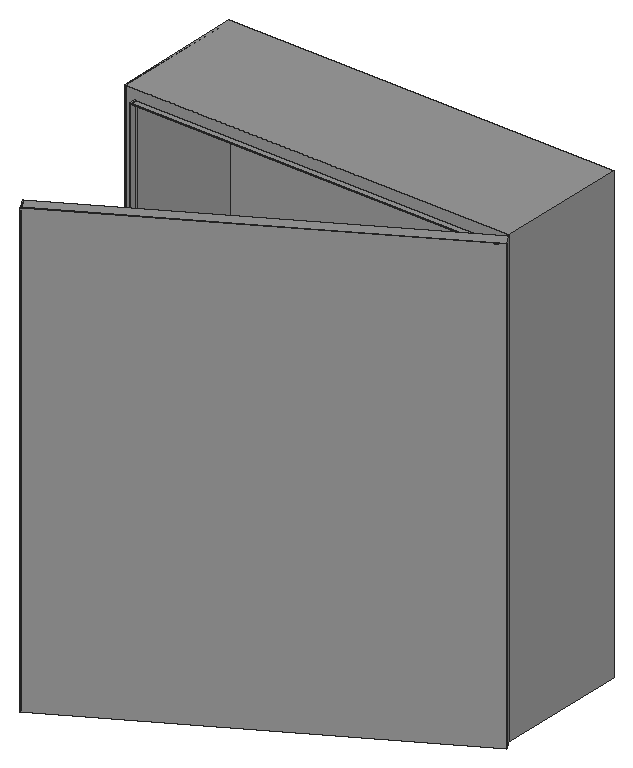
Revit family "Hager-Univers-IP54-D205-H650-Cl.II-Encl-NoHosted-NL-en", category Equipement électrique, Revit 2020
Family settings
  Configuration du panneau = Deux colonnes, circuits au sein
  Cote de connecteur circulaire = Utiliser le diamètre
  Type d'élément = Tableau de raccordement
  Basée sur le plan de construction = Oui
  Toujours verticalement = Oui
  Couper avec des vides une fois chargée = Non
  Partagée = Non
  Point de calcul de pièce = Non
Parameters (values of type "Surface mounted (plaster) IP54 W550 H650 D205  - FP42QSW")
  Width Control [instance] = if([EF000008 - Width] > Min Width, [EF000008 - Width], Min Width)  # 550 mm
  Commentaires du type = [HG000003 - Range]  # "Univers"
  Thickness Door [instance] = if([EF009171 - Material plate thickness door/cover] > 3 mm, 3 mm, [EF009171 - Material plate thickness door/cover])  # 1 mm
  Seal Frame Offset [instance] = 17 mm  # constant formula
  Plinth Visibility [instance] = [HG000027 - Plinth height] > 0 mm  # no
  Min Width [instance] = 100 mm  # constant formula
  Min Depth [instance] = (2 * [EF009170 - Material plate thickness cabinet]) + 1 mm  # 3 mm
  Min Height [instance] = 100 mm  # constant formula
  Internal Frame Depth [instance] = (Door System Depth * 0.5)  # 9 mm
  Panel Name [instance] = ""  # (empty or 0)
  Model = ""
  HG000027 - Plinth height = 0 mm
  HG000026 - Floor standing = no
  HG000024 - Bottom section height = 600 mm
  HG000023 - Double section enclosure = no
  HG000016 - Door 3d visibility [instance] = yes
  HG000015 - Clearance visibility [instance] = no
  HG000014 - Door on the right [instance] = yes
  HG000013 - Door on the left [instance] = not([HG000014 - Door on the right])  # no
  HG000012 - Door swing angle [instance] = 30.00°
  HG000010 - Asymmetric doors = no
  HG000009 - Double swing door = no
  HG000006 - Flush mounted = no
  HG000004 - Manufacturer reference = "FP42QSW"
  HG000003 - Range = "Univers"
  HG000002 - With door or cover = yes
  Frame Offset Bottom [instance] = 10 mm  # constant formula
  Frame Offset [instance] = 15 mm  # constant formula
  EF015940 - Cover with overpressure release = no
  EF011959 - Degree of protection (NEMA) = ""
  EF009554 - Number of openings for flange plates = 4
  EF009212 - Cover model = "EV000116 - Closed"
  EF009171 - Material plate thickness door/cover = 1 mm
  EF009170 - Material plate thickness cabinet = 1 mm
  EF008873 - Nominal current (In) = 250 A
  EF007800 - Suitable for lightning protection = no
  EF006306 - With lock = no
  EF006244 - Transparent cover/door = no
  EF005474 - Degree of protection (IP) = "EV006419 - IP54"
  EF004464 - Type of door = "EV002646 - Single"
  EF004427 - Number of modules = 96
  EF004293 - Impact strength = "EV006815 - IK09"
  EF003532 - Suitable for outdoor use = no
  EF002950 - Width in number of modular spacings = 24
  EF001613 - Circuit integrity = "EV000494 - None"
  EF001596 - Material housing = "EV000179 - Steel"
  EF001131 - Internal depth = 143 mm
  EF001088 - Extension possible = yes
  EF000437 - Number of conduit inlets = 4
  EF000339 - Type of cover = "EV001012 - Cover"
  EF000266 - Number of rows = 4
  EF000218 - Built-in depth = 0 mm
  EF000118 - With mounting plate = no
  EF000116 - RAL-number = "9010"
  EF000049 - Depth = 205 mm
  EF000040 - Height = 650 mm
  EF000008 - Width = 550 mm
  EF000007 - Colour = "EV000202 - White"
  EF000003 - Mounting method = "EV000384 - Surface mounted (plaster)"
  Door System Leaf Tolerance [instance] = 1.5 mm  # constant formula
  Door System Depth [instance] = 18 mm  # constant formula
  Door Height [instance] = Height Control - [HG000027 - Plinth height]  # 650 mm
  Description = ""
  Default Elevation = 1219.2 mm
  Connector Offset [instance] = Height Control / 2  # 325 mm
  Fabricant = "Hager"  # constant formula
  Height Control [instance] = if([EF000040 - Height] > Min Height, [EF000040 - Height], Min Height)  # 650 mm
  Depth Control [instance] = if([EF000049 - Depth] > Min Depth, [EF000049 - Depth], Min Depth)  # 205 mm
  Bottom Top Plate Trim [instance] = 1.5 mm  # constant formula
  Plinth height Ctrl [instance] = if([HG000027 - Plinth height] > 0 mm, [HG000027 - Plinth height], 12 mm)  # 12 mm
Reference planes
  plane 1 "Center (Front/Back)": y = 0
  plane 2: z = 0
  plane 3 "Center (Left/Right)": x = 0
  plane 4: y = 0
  plane 5: y = 0
  plane 6: z = 0
  plane 7: x = -275
  plane 8: x = 275
  plane 9: x = 274
  plane 10: x = -274
  plane 11: z = 0
  plane 12: z = 1
  plane 13: y = -205
  plane 14: y = -1
  plane 15: x = 0
  plane 16: y = -187
  plane 17: y = -204
  plane 18: y = -186
  plane 19: x = -259
  plane 20: x = 259
  plane 21: z = 11
  plane 22: x = -258
  plane 23: x = 258
  plane 24: z = 0
  plane 25: z = 650
  plane 26: z = 650
  plane 27: z = 634
  plane 28: z = 649
Forms (mm)
  Extrusion 1, solid, material "Hager_Steel_RAL7035_Light_Grey", detail levels medium+fine
    sketch origin (-208.679, -4572, 0) x (-1, 0, 0) y (0, -1, 0)
      loop
        line (66.321, -4385) -> (-483.679, -4385) -> (-483.679, -4572) -> (66.321, -4572) -> (66.321, -4385)
    from 0 to 650
  Extrusion 2, void
    sketch origin (-350.771, -205, 1219.2) x (1, 0, 0) y (0, 0, 1)
      loop
        line (76.771, -570.2) -> (76.771, -1218.2) -> (624.771, -1218.2) -> (624.771, -570.2) -> (76.771, -570.2)
    from -19 to -204
  Extrusion 3, void
    sketch origin (-290.084, -187, 1219.2) x (1, 0, 0) y (0, 0, 1)
      loop
        line (31.084, -1208.2) -> (549.084, -1208.2) -> (549.084, -585.2) -> (31.084, -585.2) -> (31.084, -1208.2)
    from 0 to -1
  Extrusion 4, solid, material "Hager_Steel_RAL7035_Light_Grey", visible <- "Plinth Visibility", detail levels medium+fine
    sketch origin (0, 0, 0) x (1, 0, 0) y (0, 1, 0)
      loop
        line (-275, 0) -> (-275, -187) -> (275, -187) -> (275, 0) -> (-275, 0)
    from 0 to 12 <- "Plinth height Ctrl"
  Extrusion 5, solid, material "Hager_Steel_RAL7035_Light_Grey", detail levels coarse
    sketch origin (0, 0, 0) x (1, 0, 0) y (0, 1, 0)
      loop
        line (-275, 0) -> (-275, -205) -> (275, -205) -> (275, 0) -> (-275, 0)
    from 0 to 650 <- "Height Control"
  Sweep 6, void
    path in 3D
      loop
        line (-275, -187, 12) -> (275, -187, 12) -> (275, 0, 12) -> (-275, 0, 12) -> (-275, -187, 12)
    profile origin (-275, -93.5, 12) x (1, 0, 0) y (0, 0, 1)
      loop
        line (0, 0) -> (0, -1.5) -> (1.5, -1.5)
        arc (1.5, -1.5) -> (1.061, -0.439) -> (0, 0) r 1.5
  Extrusion 7, solid, material "Hager_Steel_RAL7035_Light_Grey", detail levels fine
    sketch origin (-275, -187, 0) x (1, 0, 0) y (0, 0, 1)
      loop
        line (16, 11) -> (534, 11) -> (534, 634) -> (16, 634) -> (16, 11)
      loop
        line (15, 10) -> (535, 10) -> (535, 635) -> (15, 635) -> (15, 10)
    from 0 to 9 <- "Internal Frame Depth"
Cuts and joins
  Extrusion 2, Extrusion 3 cuts Extrusion 1
  Sweep 6 cuts Extrusion 4
Lines and regions (mm)
  Masking region 1
    outline origin (0, 0, 0) x (1, 0, 0) y (0, 1, 0)
      loop
        line (-275, 0) -> (-275, -205) -> (275, -205) -> (275, 0) -> (-275, 0)
  Masking region 2, detail levels coarse
    outline origin (-290.084, -187, 1219.2) x (-1, 0, 0) y (0, 0, 1)
      loop
        line (-565.084, -1219.2) -> (-15.084, -1219.2) -> (-15.084, -569.2) -> (-565.084, -569.2) -> (-565.084, -1219.2)
  Masking region 3, detail levels coarse
    outline origin (0, 0, 0) x (0, 1, 0) y (0, 0, 1)
      loop
        line (0, 0) -> (0, 650) -> (-205, 650) -> (-205, 0) -> (0, 0)
  Masking region 4, visible <- "Plinth Visibility", detail levels medium+fine
    outline origin (0, 0, 0) x (0, 1, 0) y (0, 0, 1)
      loop
        line (-1.5, 12) -> (-185.5, 12)
        arc (-185.5, 12) -> (-185.939, 10.939) -> (-187, 10.5) r 1.5
        line (-187, 10.5) -> (-187, 0) -> (0, 0) -> (0, 10.5)
        arc (0, 10.5) -> (-1.061, 10.939) -> (-1.5, 12) r 1.5
  Masking region 5, detail levels medium+fine
    outline origin (0, 0, 594.038) x (0, 1, 0) y (0, 0, 1)
      loop
        line (0, -594.038) -> (0, 55.962) -> (-187, 55.962) -> (-187, -594.038) -> (0, -594.038)
  Masking region 6, detail levels medium+fine
    outline origin (-359.7, -187, 1211.883) x (-1, 0, 0) y (0, 0, 1)
      loop
        line (-634.7, -1211.883) -> (-84.7, -1211.883) -> (-84.7, -561.883) -> (-634.7, -561.883) -> (-634.7, -1211.883)
  Masking region 7, visible <- "Plinth Visibility", detail levels medium+fine
    outline origin (-320.334, -187, 1041.368) x (-1, 0, 0) y (0, 0, 1)
      loop
        line (-595.334, -1041.368) -> (-45.334, -1041.368) -> (-45.334, -1030.868)
        arc (-45.334, -1030.868) -> (-46.394, -1030.429) -> (-46.834, -1029.368) r 1.5
        line (-46.834, -1029.368) -> (-593.834, -1029.368)
        arc (-593.834, -1029.368) -> (-594.273, -1030.429) -> (-595.334, -1030.868) r 1.5
        line (-595.334, -1030.868) -> (-595.334, -1041.368)
  sketch lines
    curve 1: line (-275, 0, 12) -> (-275, -187, 12)
    curve 2: line (-275, -187, 12) -> (275, -187, 12)
    curve 3: line (275, 0, 12) -> (-275, 0, 12)
    curve 4: line (275, -187, 12) -> (275, 0, 12)
Dimensions and locks
  locked: plane 1 "Center (Front/Back)" to plane 5
  "EF009170 - Material plate thickness cabinet": plane 7 to plane 10
  "EF009170 - Material plate thickness cabinet": plane 8 to plane 9
  equal spacing: plane 7, plane 3 "Center (Left/Right)", plane 8
  "Width Control": plane 7 to plane 8
  "Depth Control": plane 4 to plane 13
  "EF009170 - Material plate thickness cabinet": plane 4 to plane 14
  "Height Control": plane 25 to level
  "HG000027 - Plinth height": plane 11 to level
  "EF009170 - Material plate thickness cabinet": plane 12 to plane 11
  "EF009170 - Material plate thickness cabinet": plane 17 to plane 13
  "EF009170 - Material plate thickness cabinet": plane 18 to plane 16
  "Frame Offset Bottom": plane 21 to plane 12
  "Frame Offset": plane 10 to plane 19
  "Frame Offset": plane 9 to plane 20
  "Door System Depth": plane 16 to plane 13
  "Seal Frame Offset": plane 7 to plane 22
  "Seal Frame Offset": plane 8 to plane 23
  "EF009170 - Material plate thickness cabinet": plane 26 to plane 28
  "Frame Offset": plane 28 to plane 27
  "Connector Offset": plane 2 to connector elem
  "Bottom Top Plate Trim": profile plane to Sweep 6 sketch curve
  "Bottom Top Plate Trim": Sweep 6 sketch curve to Sweep 6 sketch curve
  "Plinth height Ctrl": Masking region 4 sketch curve to level
  "Plinth height Ctrl": Masking region 7 sketch curve to level
  "Thickness Door": Extrusion 7 sketch curve to Extrusion 7 sketch curve  (x4)
  "Bottom Top Plate Trim": radius of Sweep 6 sketch curve
  "Bottom Top Plate Trim": radius of Masking region 4 sketch curve  (x2)
  "Bottom Top Plate Trim": radius of Masking region 7 sketch curve  (x2)
  aligned and locked: Extrusion 2 sketch curve to plane 12
  aligned and locked: Extrusion 2 sketch curve to plane 9
  aligned and locked: Extrusion 2 sketch curve to plane 10
  aligned and locked: plane 14 to Extrusion 2
  aligned and locked: plane 4 to Extrusion 1 sketch curve
  aligned and locked: plane 8 to Extrusion 1 sketch curve
  aligned and locked: plane 7 to Extrusion 1 sketch curve
  aligned and locked: Extrusion 2 to plane 18
  aligned and locked: Extrusion 3 sketch curve to plane 19
  aligned and locked: plane 20 to Extrusion 3 sketch curve
  aligned and locked: Extrusion 3 to Extrusion 2
  aligned and locked: Extrusion 3 sketch curve to plane 21
  aligned and locked: plane 3 "Center (Left/Right)" to nested 1
  aligned and locked: Extrusion 1 sketch curve to plane 16
  aligned and locked: Extrusion 4 sketch curve to cut or joined group of Extrusion 1, Extrusion 2, Extrusion 3
  aligned and locked: Masking region 1 sketch curve to plane 7
  aligned and locked: Masking region 1 sketch curve to plane 5
  aligned and locked: Masking region 1 sketch curve to plane 8
  aligned and locked: Masking region 2 sketch curve to level
  aligned and locked: level to Masking region 3 sketch curve
  aligned and locked: plane 1 "Center (Front/Back)" to Masking region 3 sketch curve
  aligned and locked: plane 13 to Masking region 3 sketch curve
  aligned and locked: plane 5 to Masking region 4 sketch curve
  aligned and locked: Masking region 2 sketch curve to plane 8
  aligned and locked: Masking region 2 sketch curve to plane 7
  aligned and locked: plane 7 to nested 2
  aligned and locked: nested 2 to plane 5
  aligned and locked: plane 5 to Masking region 5 sketch curve
  aligned and locked: plane 26 to Masking region 5 sketch curve
  aligned and locked: Extrusion 5 sketch curve to plane 8
  aligned and locked: Extrusion 5 sketch curve to plane 7
  aligned and locked: Extrusion 5 sketch curve to plane 5
  aligned and locked: Extrusion 3 sketch curve to plane 27
  aligned and locked: Extrusion 2 sketch curve to plane 28
  aligned and locked: Masking region 2 to plane 25
  aligned and locked: Extrusion 4 to plane 16
  aligned and locked: profile plane to Sweep 6 sketch curve
  aligned and locked: Masking region 5 sketch curve to plane 24
  aligned and locked: level to Masking region 4 sketch curve
  aligned and locked: Masking region 1 to plane 13
  aligned and locked: nested 1 to plane 16
  aligned and locked: Masking region 3 to plane 25
  aligned and locked: plane 16 to Masking region 4 sketch curve
  aligned and locked: Masking region 5 sketch curve to plane 16
  aligned and locked: plane 24 to plane 11
  aligned and locked: plane 26 to plane 25
  aligned and locked: plane 26 to cut or joined group of Extrusion 1, Extrusion 2, Extrusion 3
  aligned and locked: nested 1 to plane 24
  aligned and locked: Extrusion 1 to Extrusion 3
  aligned and locked: Masking region 6 sketch curve to plane 8
  aligned and locked: Masking region 6 sketch curve to plane 24
  aligned and locked: Masking region 6 sketch curve to plane 7
  aligned and locked: Masking region 6 sketch curve to plane 26
  aligned and locked: Masking region 7 sketch curve to plane 7
  aligned and locked: level to Masking region 7 sketch curve
  aligned and locked: Masking region 7 sketch curve to plane 8
  aligned and locked: Extrusion 7 sketch curve to cut or joined group of Extrusion 1, Extrusion 2, Extrusion 3  (x4)
Automatic sketch dimensions
  plane 19 to Extrusion 3 sketch curve = 0 mm
  Extrusion 3 sketch curve to plane 20 = 0 mm
  Extrusion 3 sketch curve to plane 21 = 0 mm
  Extrusion 4 sketch curve to plane 7 = 0 mm
  Extrusion 4 sketch curve to plane 8 = 0 mm
  Extrusion 4 sketch curve to plane 16 = 0 mm
  Masking region 1 sketch curve to plane 13 = 0 mm
  Masking region 2 sketch curve to plane 25 = 0 mm
  Masking region 3 sketch curve to plane 25 = 0 mm
  Extrusion 5 sketch curve to plane 13 = 0 mm
  profile plane to Sweep 6 sketch curve = 0 mm
Nested families
  nested 1: "EC000058_Univers_Door" at (0, -187, 0), Double <- "HG000009 - Double swing door", Transparent <- "EF006244 - Transparent cover/door", Angle <- "HG000012 - Door swing angle", Door_Right <- "HG000014 - Door on the right", Assymetrical <- "HG000010 - Asymmetric doors", Door <- "HG000002 - With door or cover", Width_Ctrl <- "Width Control", 3d_Door <- "HG000016 - Door 3d visibility", Clearance <- "HG000015 - Clearance visibility", Door_Left <- "HG000013 - Door on the left", Width <- "Width Control", Door_Depth <- "Door System Depth", Leaf_Tolerance <- "Door System Leaf Tolerance", Height <- "Door Height", Lock_Visibility <- "EF006306 - With lock", Thickness <- "Thickness Door", type "EC000058_Univers_Door", detail levels medium+fine
    with min_wh 3 mm, Width_Ctrl 550 mm, Width 550 mm, Transparent no, Thickness 1 mm, Seal_Material Hager_Rubber, Lock_Visibility no, Lock_Material Hager_Plastic_RAL9005_Jet_Black, Leaf_Width 550 mm, Leaf_Tolerance_External_Sides 0 mm, Leaf_Tolerance 1.5 mm, Leaf_Offset 0 mm, Leaf_Height 647 mm, Leaf_2_Width 550 mm, Leaf_2_Offset 275 mm, Leaf_1_Width 550 mm, Leaf_1_Offset 275 mm, Height_Ctrl 650 mm, Height 650 mm, Glass_Material Hager_Glass, Double_Clearance_Ctrl no, Double no, Door_Right_Ctrl yes, Door_Right yes, Door_Material Hager_Steel_RAL7035_Light_Grey, Door_Left_Ctrl no, Door_Left no, Door_Depth 18 mm, Door yes, Clearance_Material Hager_Clearance, Clearance_Depth 550 mm, Clearance_Ctrl no, Clearance no, Assymetrical no, Angle 30.00°, 3d_Door yes
  nested 2: "Hager_Enclosure_Symbol" at (-275, 0, 0), Height <- "Depth Control", Width <- "Width Control", type "Hager_Enclosure_Symbol"
    with Width_Ctrl 550 mm, Width 550 mm, Height_Ctrl 205 mm, Height 205 mm, A_Width_Int 13.453 mm, A_Width 161.438 mm, A_Height_Ctrl 179.375 mm, A_Height 179.375 mm
Connectors
  electrical at (0, 0, 325)
    settings: on plane 1 "Center (Front/Back)", index 1, voltage 0 V, apparent load 0 VA, apparent load phase1 0 VA, apparent load phase2 0 VA, apparent load phase3 0 VA, power factor 1, load classification "Other", number of poles 1, system type 30, power factor state 1, is connector primary yes, connector utility no, sub classification motor no, connector description ""
Definition of nested family "EC000058_Univers_Door"
  Parameters (values of type "EC000058_Univers_Door")
    min_wh [instance] = (2 * Thickness) + 1 mm  # 11 mm
    Width_Ctrl [instance] = 400 mm
    Width [instance] = 500 mm
    Transparent [instance] = yes
    Thickness [instance] = 5 mm
    Seal_Material [instance] = none
    Lock_Visibility [instance] = yes
    Lock_Material [instance] = none
    Leaf_Width [instance] = if((Width_Ctrl - 2 * Leaf_Tolerance_External_Sides) > 0 mm, (Width_Ctrl - 2 * Leaf_Tolerance_External_Sides), min_wh)  # 400 mm
    Leaf_Tolerance_External_Sides [instance] = 0 mm  # constant formula
    Leaf_Tolerance [instance] = 1.5 mm
    Leaf_Offset [instance] = 0 mm  # constant formula
    Leaf_Height [instance] = if((Height_Ctrl - 2 * Leaf_Tolerance) > 0 mm, (Height_Ctrl - 2 * Leaf_Tolerance), min_wh)  # 497 mm
    Leaf_2_Width [instance] = if(and(and(Double, Assymetrical), Door_Left), (Leaf_Width / 3) - (Leaf_Tolerance / 2), if(and(and(Double, Assymetrical), Door_Right), (Leaf_Width / 3) * 2 - (Leaf_Tolerance / 2), if(and(Double, not(Assymetrical)), (Leaf_Width / 2) - Leaf_Tolerance, Leaf_Width)))  # 400 mm
    Leaf_2_Offset [instance] = if(and(Double, Assymetrical), Leaf_2_Width / 2, if(and(Double, not(Assymetrical)), Leaf_Width / 4, Leaf_Width / 2))  # 200 mm
    Leaf_1_Width [instance] = if(and(and(Double, Assymetrical), Door_Right), (Leaf_Width / 3) - (Leaf_Tolerance / 2), if(and(and(Double, Assymetrical), Door_Left), (Width / 3) * 2 - (Leaf_Tolerance / 2), if(and(Double, not(Assymetrical)), (Leaf_Width / 2) - Leaf_Tolerance, Leaf_Width)))  # 400 mm
    Leaf_1_Offset [instance] = if(and(Double, Assymetrical), Leaf_1_Width / 2, if(and(Double, not(Assymetrical)), Leaf_Width / 4, Leaf_Width / 2))  # 200 mm
    Height_Ctrl [instance] = if(Height > min_wh, Height, min_wh)  # 500 mm
    Height [instance] = 500 mm
    Glass_Material [instance] = none
    Double_Clearance_Ctrl [instance] = and(Double, Clearance)  # no
    Double [instance] = no
    Door_Right_Ctrl [instance] = and(or(Door_Right, Double), Door)  # yes
    Door_Right [instance] = yes
    Door_Material [instance] = none
    Door_Left_Ctrl [instance] = and(or(Door_Left, Double), Door)  # no
    Door_Left [instance] = no
    Door_Depth [instance] = 30 mm
    Door [instance] = yes
    Default Elevation = 1219.2 mm
    Clearance_Material [instance] = none
    Clearance_Depth [instance] = if(Leaf_1_Width > Leaf_2_Width, Leaf_1_Width, Leaf_2_Width)  # 400 mm
    Clearance_Ctrl [instance] = and(not(Double), Clearance)  # yes
    Clearance [instance] = yes
    Assymetrical [instance] = yes
    Angle [instance] = 30.00°
    3d_Door [instance] = yes
  Reference planes
    plane 1 "Center (Front/Back)": y = 0
    plane 2 "Bottom": z = 0
    plane 3 "Center (Left/Right)": x = 0
    plane 4: z = 500
    plane 5: x = -200
    plane 6: x = 200
    plane 7: z = 500
    plane 8: x = -200
    plane 9: z = 0
    plane 10: x = 200
    plane 11: y = 0
    plane 12: z = 1.5
    plane 13: x = -600
    plane 14: y = -400
    plane 15: x = 600
    plane 16: x = 0
    plane 17: x = 0
    plane 18: x = -200
    plane 19: x = 200
    plane 20: z = 498.5
  Forms (mm)
    Extrusion 1, solid, material <- "Clearance_Material", visible <- "Double_Clearance_Ctrl"
      sketch origin (1200, 0, 0) x (1, 0, 0) y (0, 0, -1)
        loop
          line (-1800, -498.5) -> (-600, -498.5) -> (-600, 0) -> (-1800, 0) -> (-1800, -498.5)
      from 0 to -400
  Dimensions and locks
    equal spacing: plane 5, plane 3 "Center (Left/Right)", plane 6
    "Width_Ctrl": plane 5 to plane 6
    "Leaf_Offset": plane 5 to plane 8
    "Leaf_Offset": plane 6 to plane 10
    "Leaf_Offset": plane 9 to level
    "Leaf_Offset": plane 4 to plane 7
    "Height_Ctrl": plane 4 to level
    "Leaf_Tolerance": plane 12 to plane 9
    locked: plane 11 to plane 1 "Center (Front/Back)"
    "Leaf_1_Offset": plane 18 to plane 16
    "Leaf_2_Offset": plane 17 to plane 19
    "Leaf_1_Width": plane 13 to plane 8
    "Leaf_2_Width": plane 10 to plane 15
    "Clearance_Depth": plane 14 to plane 1 "Center (Front/Back)"
    "Leaf_Tolerance_External_Sides": plane 8 to plane 18
    "Leaf_Tolerance_External_Sides": plane 19 to plane 10
    "Leaf_Tolerance": plane 7 to plane 20
    aligned and locked: level to plane 2 "Bottom"
    aligned and locked: nested 1 to plane 16
    aligned and locked: nested 2 to plane 17
    aligned and locked: Extrusion 1 to plane 13
    aligned and locked: plane 15 to Extrusion 1
    aligned and locked: Extrusion 1 to plane 14
    aligned and locked: plane 12 to nested 1
    aligned and locked: nested 2 to plane 12
    aligned and locked: Extrusion 1 to plane 11
    aligned and locked: plane 20 to Extrusion 1
    aligned and locked: nested 2 to plane 11
    aligned and locked: nested 1 to plane 11
  Automatic sketch dimensions
    Extrusion 1 sketch curve to level = 0 mm
    plane 5 to Extrusion 1 sketch curve = 400 mm
    plane 6 to Extrusion 1 sketch curve = 400 mm
    Extrusion 1 sketch curve to plane 4 = 1.5 mm
  Nested families
    nested 1: "EC000058_Univers_Door_Leaf" at (0, 0, 1.5), Width <- "Leaf_1_Width", visible <- "Door_Left_Ctrl", Leaf_Height <- "Leaf_Height", Angle <- "Angle", 3d_Door <- "3d_Door", Transparent <- "Transparent", Clearance Material <- "Clearance_Material", Clearance <- "Clearance_Ctrl", Door_Material <- "Door_Material", Glass_Material <- "Glass_Material", Door_Depth <- "Door_Depth", Lock_Material <- "Lock_Material", Seal_Material <- "Seal_Material", Lock_Visibility <- "Lock_Visibility", Thickness <- "Thickness", type "EC000058_Univers_Door_Leaf"
      with Width 400 mm, Transparent_Glass_Offset 30 mm, Transparent_Ctrl yes, Transparent yes, Thickness 5 mm, Standard no, Seal_Material none, Seal_D2 8 mm, Seal_D1 1 mm, Offset_Internal_Frame 10 mm, Lock_Width 20 mm, Lock_Visibility_3d yes, Lock_Visibility yes, Lock_Thickness_3 3 mm, Lock_Thickness_2 1 mm, Lock_Thickness_1 3 mm, Lock_Radius_Offset_2 16 mm, Lock_Radius_Offset_1 15 mm, Lock_Radius_2 5 mm, Lock_Radius 6 mm, Lock_Offset 5 mm, Lock_Material none, Lock_Height 80 mm, Lock_Cover_Top_Offset_2d 17 mm, Lock_Cover_Height -65 mm, Leaf_Height 497 mm, Internal_Seal_Thickness 8 mm, Internal_Seal_Depth_2 4.5 mm, Internal_Frame_Depth 25 mm, Glass_Thickness -1 mm, Glass_Offset -2 mm, Glass_Material none, Door_Material none, Door_Depth 30 mm, Clearance Material none, Clearance yes, Angle_Ctrl 30.00°, Angle 30.00°, 3d_Door yes
    nested 2: "EC000058_Univers_Door_Leaf" at (0, 0, 1.5) x (-1, 0, 0) z (0, 0, 1), Width <- "Leaf_2_Width", visible <- "Door_Right_Ctrl", Leaf_Height <- "Leaf_Height", Angle <- "Angle", 3d_Door <- "3d_Door", Transparent <- "Transparent", Clearance Material <- "Clearance_Material", Clearance <- "Clearance_Ctrl", Door_Material <- "Door_Material", Glass_Material <- "Glass_Material", Door_Depth <- "Door_Depth", Lock_Material <- "Lock_Material", Seal_Material <- "Seal_Material", Lock_Visibility <- "Lock_Visibility", Thickness <- "Thickness", type "EC000058_Univers_Door_Leaf"
      with Width 400 mm, Transparent_Glass_Offset 30 mm, Transparent_Ctrl yes, Transparent yes, Thickness 5 mm, Standard no, Seal_Material none, Seal_D2 8 mm, Seal_D1 1 mm, Offset_Internal_Frame 10 mm, Lock_Width 20 mm, Lock_Visibility_3d yes, Lock_Visibility yes, Lock_Thickness_3 3 mm, Lock_Thickness_2 1 mm, Lock_Thickness_1 3 mm, Lock_Radius_Offset_2 16 mm, Lock_Radius_Offset_1 15 mm, Lock_Radius_2 5 mm, Lock_Radius 6 mm, Lock_Offset 5 mm, Lock_Material none, Lock_Height 80 mm, Lock_Cover_Top_Offset_2d 17 mm, Lock_Cover_Height -65 mm, Leaf_Height 497 mm, Internal_Seal_Thickness 8 mm, Internal_Seal_Depth_2 4.5 mm, Internal_Frame_Depth 25 mm, Glass_Thickness -1 mm, Glass_Offset -2 mm, Glass_Material none, Door_Material none, Door_Depth 30 mm, Clearance Material none, Clearance yes, Angle_Ctrl 30.00°, Angle 30.00°, 3d_Door yes
  Definition of nested family "EC000058_Univers_Door_Leaf"
    Parameters (values of type "EC000058_Univers_Door_Leaf")
      Width [instance] = 2000 mm
      Transparent_Glass_Offset [instance] = 30 mm
      Transparent_Ctrl [instance] = and(Transparent, [3d_Door])  # yes
      Transparent [instance] = yes
      Thickness [instance] = 5 mm
      Standard [instance] = and(not(Transparent), [3d_Door])  # no
      Seal_Material [instance] = none
      Seal_D2 [instance] = 8 mm  # constant formula
      Seal_D1 [instance] = 1 mm  # constant formula
      Offset_Internal_Frame [instance] = 10 mm  # constant formula
      Lock_Width [instance] = 20 mm  # constant formula
      Lock_Visibility_3d [instance] = and(Lock_Visibility, [3d_Door])  # yes
      Lock_Visibility [instance] = yes
      Lock_Thickness_3 [instance] = 3 mm  # constant formula
      Lock_Thickness_2 [instance] = 1 mm  # constant formula
      Lock_Thickness_1 [instance] = 3 mm  # constant formula
      Lock_Radius_Offset_2 [instance] = Lock_Radius_Offset_1 + 1 mm  # 16 mm
      Lock_Radius_Offset_1 [instance] = 15 mm  # constant formula
      Lock_Radius_2 [instance] = Lock_Radius - 1 mm  # 5 mm
      Lock_Radius [instance] = 6 mm  # constant formula
      Lock_Offset [instance] = 5 mm  # constant formula
      Lock_Material [instance] = none
      Lock_Height [instance] = 80 mm  # constant formula
      Lock_Cover_Top_Offset_2d [instance] = Lock_Radius_Offset_2 + 1 mm  # 17 mm
      Lock_Cover_Height [instance] = -(Lock_Height - Lock_Radius_Offset_1)  # -65 mm
      Leaf_Height [instance] = 2720.336 mm
      Internal_Seal_Thickness [instance] = 8 mm  # constant formula
      Internal_Seal_Depth_2 [instance] = 4.5 mm  # constant formula
      Internal_Frame_Depth [instance] = if(Door_Depth - Thickness > 5 mm, Door_Depth - Thickness, 5 mm)  # 25 mm
      Glass_Thickness [instance] = if(Thickness > 15 mm, Glass_Offset + 10 mm, -1 mm)  # -1 mm
      Glass_Offset [instance] = if(Thickness > 15 mm, -(Thickness + 10 mm) / 2, -2 mm)  # -2 mm
      Glass_Material [instance] = none
      Door_Material [instance] = none
      Door_Depth [instance] = 30 mm
      Default Elevation = 0 mm
      Clearance Material [instance] = none
      Clearance [instance] = yes
      Angle_Ctrl [instance] = if(Angle > 180.00°, 180.00°, Angle)  # 90.00°
      Angle [instance] = 90.00°
      3d_Door [instance] = yes
    Reference planes
      plane 1 "Center (Front/Back)": y = 0
      plane 2: z = 0
      plane 3 "Center (Left/Right)": x = 0
      plane 4: y = 2000
      plane 5: x = -1000
      plane 6: x = 1000
      plane 7: x = -3000
      plane 8: z = 2720.336
      plane 9: z = 30
      plane 10: z = 2690.336
      plane 11: x = 970
      plane 12: x = -970
      plane 13: y = -3
      plane 14: z = 107.833
      plane 15: y = -5
      plane 16: y = -223.314
      plane 17: x = -1000
      plane 18: z = 1360.168
      plane 19: y = 30
    Forms (mm)
      Extrusion 1, solid, material <- "Clearance Material", visible <- "Clearance"
        sketch origin (0, 0, 0) x (1, 0, 0) y (0, 0, 1)
          loop
            line (-3000, 2720.336) -> (-3000, 0) -> (1000, 0) -> (1000, 2720.336) -> (-3000, 2720.336)
        from 0 to -2000
      Extrusion 2, solid, material <- "Door_Material", visible <- "Standard", detail levels medium+fine
        sketch origin (-1000, 0, 0) x (0, 1, 0) y (-1, 0, 0)
          loop
            line (0, 30) -> (0, 25) -> (2000, 25) -> (2000, 30) -> (0, 30)
        from 0 to 2720.336 <- "Leaf_Height"
      Extrusion 3, solid, material <- "Door_Material", visible <- "Transparent_Ctrl", detail levels medium+fine
        sketch origin (-1000, 0, 0) x (0, 1, 0) y (-1, 0, 0)
          loop
            line (0, 25) -> (2000, 25) -> (2000, 30) -> (0, 30) -> (0, 25)
        from 0 to 2720.336 <- "Leaf_Height"
      Extrusion 4, void
        sketch origin (-1025, 2000, 0) x (0, 1, 0) y (0, 0, -1)
          loop
            line (-30, -2690.336) -> (-30, -30) -> (-1970, -30) -> (-1970, -2690.336) -> (-30, -2690.336)
        from 0 to 5 <- "Thickness"
      Sweep 5, solid, material <- "Seal_Material", visible <- "Transparent_Ctrl", detail levels fine
        path in 3D
          loop
            line (-1025, 30, 30) -> (-1025, 30, 2690.336) -> (-1025, 1970, 2690.336) -> (-1025, 1970, 30) -> (-1025, 30, 30)
        profile origin (-1025, 1000, 30) x (1, 0, 0) y (0, 0, 1)
          loop
            line (0, 0) -> (0, -8) -> (1, -8) -> (1, 0) -> (0, 0)
      Extrusion 6, solid, material <- "Glass_Material", visible <- "Transparent_Ctrl", detail levels medium+fine
        sketch origin (-1030, 0, 0) x (0, 1, 0) y (0, 0, -1)
          loop
            line (1970, -2690.336) -> (1970, -30) -> (30, -30) -> (30, -2690.336) -> (1970, -2690.336)
        from -2 <- "Glass_Offset" to -1 <- "Glass_Thickness"
      Extrusion 7, solid, material <- "Door_Material", visible <- "3d_Door", detail levels medium+fine
        sketch origin (-1025, 2000, 0) x (0, -1, 0) y (0, 0, -1)
          loop
            line (0, -2720.336) -> (2000, -2720.336) -> (2000, 0) -> (0, 0) -> (0, -2720.336)
          loop
            line (1995, -5) -> (5, -5) -> (5, -2715.336) -> (1995, -2715.336) -> (1995, -5)
        from 0 to 25 <- "Internal_Frame_Depth"
      Sweep 8, solid, material <- "Seal_Material", visible <- "Transparent_Ctrl", detail levels fine
        path in 3D
          loop
            line (-1025, 0, 0) -> (-1025, 2000, 0) -> (-1025, 2000, 2720.336) -> (-1025, 0, 2720.336) -> (-1025, 0, 0)
        profile origin (-1025, 0, 1360.168) x (1, 0, 0) y (0, 1, 0)
          loop
            line (0, 10) -> (2.975, 10)
            arc (2.975, 10) -> (4.053, 10.447) -> (4.5, 11.525) r 1.525
            line (4.5, 11.525) -> (4.5, 16.527)
            arc (4.5, 16.527) -> (4.069, 17.569) -> (3.027, 18) r 1.473
            line (3.027, 18) -> (0, 18) -> (0, 10)
      Extrusion 9, solid, material <- "Lock_Material", visible <- "Lock_Visibility_3d", detail levels fine
        sketch origin (-1030, 0, 0) x (0, 1, 0) y (0, 0, -1)
          loop
            arc (1993.5, -1400.168) -> (1994.561, -1399.729) -> (1995, -1398.668) r 1.5
            line (1995, -1398.668) -> (1995, -1320.168) -> (1975, -1320.168) -> (1975, -1398.668)
            arc (1975, -1398.668) -> (1975.439, -1399.729) -> (1976.5, -1400.168) r 1.5
            line (1976.5, -1400.168) -> (1993.5, -1400.168)
        from 3 <- "Lock_Thickness_1" to 0
      Blend 10, solid, material <- "Lock_Material", visible <- "Lock_Visibility_3d", detail levels fine
        base sketch origin (-1033, 0, 0) x (0, 1, 0) y (0, 0, -1)
          loop
            line (1975, -1320.168) -> (1975, -1398.668)
            arc (1975, -1398.668) -> (1975.439, -1399.729) -> (1976.5, -1400.168) r 1.5
            line (1976.5, -1400.168) -> (1993.5, -1400.168)
            arc (1993.5, -1400.168) -> (1994.561, -1399.729) -> (1995, -1398.668) r 1.5
            line (1995, -1398.668) -> (1995, -1320.168) -> (1975, -1320.168)
        top sketch origin (-1033, 0, 0) x (0, 1, 0) y (0, 0, -1)
          loop
            line (1976, -1320.168) -> (1976, -1398.668)
            arc (1976, -1398.668) -> (1976.146, -1399.022) -> (1976.5, -1399.168) r 0.5
            line (1976.5, -1399.168) -> (1993.5, -1399.168)
            arc (1993.5, -1399.168) -> (1993.854, -1399.022) -> (1994, -1398.668) r 0.5
            line (1994, -1398.668) -> (1994, -1320.168) -> (1976, -1320.168)
        from 0 to 1 <- "Lock_Thickness_2"
      Blend 11, solid, material <- "Lock_Material", visible <- "Lock_Visibility_3d", detail levels fine
        base sketch origin (-1034, 0, 0) x (0, 1, 0) y (0, 0, -1)
          loop
            line (1978, -1320.168) -> (1978, -1384.168)
            arc (1978, -1384.168) -> (1985, -1391.168) -> (1992, -1384.168) r 7
            line (1992, -1384.168) -> (1992, -1320.168) -> (1978, -1320.168)
        top sketch origin (-1034, 0, 0) x (0, 1, 0) y (0, 0, -1)
          loop
            line (1991, -1320.168) -> (1979, -1320.168) -> (1979, -1383.168)
            arc (1979, -1383.168) -> (1985, -1389.168) -> (1991, -1383.168) r 6
            line (1991, -1383.168) -> (1991, -1320.168)
        from 0 to 3 <- "Lock_Thickness_3"
      Extrusion 12, solid, material <- "Lock_Material", visible <- "Lock_Visibility_3d", detail levels fine
        sketch origin (-1030, 1975, 1320.168) x (1, 0, 0) y (0, -1, 0)
          loop
            line (-7, -19) -> (-7, -1) -> (0, -1) -> (0, 0) -> (-8, 0) -> (-8, -20) -> (0, -20) -> (0, -19) -> (-7, -19)
        from 0 to -65 <- "Lock_Cover_Height"
      Extrusion 13, void
        sketch origin (-1038, 1995, 1320.168) x (-1, 0, 0) y (0, 0, -1)
          loop
            line (-5, -65) -> (0, -65) -> (-5, -60) -> (-5, -65)
        from 0 to 20 <- "Lock_Width"
      Extrusion 14, void
        sketch origin (-1038, 1975, 1320.168) x (0, -1, 0) y (0, 0, -1)
          loop
            circle (-10, -15.995) r 6
          loop
            circle (-10, -15.995) r 5
        from 0 to 2
      Extrusion 15, solid, material <- "Lock_Material", visible <- "Lock_Visibility_3d", detail levels medium
        sketch origin (-1030, 0, 0) x (0, 1, 0) y (0, 0, -1)
          loop
            arc (1993.5, -1400.168) -> (1994.561, -1399.729) -> (1995, -1398.668) r 1.5
            line (1995, -1398.668) -> (1995, -1320.168) -> (1975, -1320.168) -> (1975, -1398.668)
            arc (1975, -1398.668) -> (1975.439, -1399.729) -> (1976.5, -1400.168) r 1.5
            line (1976.5, -1400.168) -> (1993.5, -1400.168)
        from 8 to 0
    Cuts and joins
      Extrusion 4 cuts Extrusion 3
      Extrusion 13, Extrusion 14 cuts Extrusion 9
      Extrusion 14 cuts Blend 11
      Extrusion 13, Extrusion 14 cuts Extrusion 12
      joined: Extrusion 9, Blend 10, Blend 11, Extrusion 12
      Extrusion 14 cuts Extrusion 15
    Lines and regions (mm)
      Masking region 1, visible <- "Lock_Visibility", detail levels fine
        outline origin (0, 0, 0) x (0, 1, 0) y (0, 0, 1)
          loop
            line (30, 1320.168) -> (33, 1320.168) -> (33, 1400.168) -> (30, 1400.168) -> (30, 1320.168)
      Masking region 2, visible <- "Lock_Visibility", detail levels fine
        outline origin (0, 3.143, 0) x (0, 1, 0) y (0, 0, 1)
          loop
            line (29.857, 1354.168) -> (30.857, 1354.168) -> (30.857, 1366.168) -> (29.857, 1366.168) -> (29.857, 1354.168)
      Masking region 3, detail levels medium+fine
        outline origin (0, 0, 0) x (0, 1, 0) y (0, 0, 1)
          loop
            line (0, 0) -> (30, 0) -> (30, 2720.336) -> (0, 2720.336) -> (0, 0)
      Masking region 4, detail levels medium+fine
        outline origin (0, 0, 0) x (1, 0, 0) y (0, 0, 1)
          loop
            line (-1000, 2720.336) -> (-1000, 0) -> (1000, 0) -> (1000, 2720.336) -> (-1000, 2720.336)
      Masking region 5, visible <- "Lock_Visibility", detail levels fine
        outline origin (-47.116, 0, 0) x (1, 0, 0) y (0, 0, 1)
          loop
            arc (1024.616, 1399.168) -> (1023.556, 1398.729) -> (1023.116, 1397.668) r 1.5
            line (1023.116, 1397.668) -> (1023.116, 1320.168) -> (1041.116, 1320.168) -> (1041.116, 1397.668)
            arc (1041.116, 1397.668) -> (1040.677, 1398.729) -> (1039.616, 1399.168) r 1.5
            line (1039.616, 1399.168) -> (1024.616, 1399.168)
      Masking region 6, visible <- "Lock_Visibility", detail levels medium+fine
        outline origin (-25, 0, 0) x (1, 0, 0) y (0, 0, 1)
          loop
            arc (1001.5, 1400.168) -> (1000.439, 1399.729) -> (1000, 1398.668) r 1.5
            line (1000, 1398.668) -> (1000, 1320.168) -> (1020, 1320.168) -> (1020, 1398.668)
            arc (1020, 1398.668) -> (1019.561, 1399.729) -> (1018.5, 1400.168) r 1.5
            line (1018.5, 1400.168) -> (1001.5, 1400.168)
      Masking region 7, visible <- "Lock_Visibility", detail levels fine
        outline origin (-73.735, 0, 0) x (1, 0, 0) y (0, 0, 1)
          loop
            line (1051.735, 1382.168) -> (1065.735, 1382.168) -> (1065.735, 1384.168)
            arc (1065.735, 1384.168) -> (1058.735, 1391.168) -> (1051.735, 1384.168) r 7
            line (1051.735, 1384.168) -> (1051.735, 1382.168)
      Masking region 8, visible <- "Lock_Visibility", detail levels fine
        outline origin (-73.735, 0, 0) x (1, 0, 0) y (0, 0, 1)
          loop
            line (1052.735, 1382.168) -> (1064.735, 1382.168) -> (1064.735, 1383.168)
            arc (1064.735, 1383.168) -> (1058.735, 1389.168) -> (1052.735, 1383.168) r 6
            line (1052.735, 1383.168) -> (1052.735, 1382.168)
      Masking region 9, visible <- "Lock_Visibility", detail levels fine
        outline origin (-25, 0, 0) x (1, 0, 0) y (0, 0, 1)
          loop
            line (1020, 1320.168) -> (1020, 1382.168) -> (1000, 1382.168) -> (1000, 1320.168) -> (1020, 1320.168)
      Masking region 10, detail levels medium+fine
        outline origin (0, 0, 0) x (1, 0, 0) y (0, 0, 1)
          loop
            circle (985, 1335.144) r 6
      Masking region 11, detail levels fine
        outline origin (0, 0, 0) x (1, 0, 0) y (0, 0, 1)
          loop
            circle (985, 1335.144) r 5
      Masking region 12, visible <- "Lock_Visibility", detail levels fine
        outline origin (0, 12.767, 0) x (0, 1, 0) y (0, 0, 1)
          loop
            line (20.233, 1320.168) -> (21.233, 1320.168) -> (21.233, 1399.168) -> (20.233, 1400.168) -> (20.233, 1320.168)
      Masking region 13, visible <- "Lock_Visibility", detail levels fine
        outline origin (0, 13.767, -10) x (0, 1, 0) y (0, 0, 1)
          loop
            line (20.233, 1330.168) -> (23.233, 1330.168) -> (23.233, 1399.168) -> (20.233, 1402.168) -> (20.233, 1330.168)
      Masking region 14, visible <- "Lock_Visibility", detail levels fine
        outline origin (0, 12.767, -10) x (0, 1, 0) y (0, 0, 1)
          loop
            line (20.233, 1330.168) -> (25.233, 1330.168) -> (25.233, 1399.305) -> (20.233, 1394.305) -> (20.233, 1330.168)
      Masking region 15, visible <- "Lock_Visibility", detail levels medium
        outline origin (0, 0, 0) x (0, 1, 0) y (0, 0, 1)
          loop
            line (30, 1320.168) -> (38, 1320.168) -> (38, 1400.168) -> (30, 1400.168) -> (30, 1320.168)
      Masking region 16, visible <- "Lock_Visibility", detail levels fine
        outline origin (-1000, 0, 0) x (0, 1, 0) y (-1, 0, 0)
          loop
            line (1975, 30) -> (1995, 30) -> (1995, 38) -> (1975, 38) -> (1975, 30)
          loop
            line (1979, 37) -> (1976, 37) -> (1976, 34) -> (1978, 34) -> (1979, 37)
          loop
            line (1994, 37) -> (1991, 37) -> (1992, 34) -> (1994, 34) -> (1994, 37)
      Masking region 17, visible <- "Lock_Visibility", detail levels medium
        outline origin (-1000, 0, 0) x (0, 1, 0) y (-1, 0, 0)
          loop
            line (1975, 30) -> (1995, 30) -> (1995, 38) -> (1975, 38) -> (1975, 30)
      symbolic lines
        curve 1: line (1000, 0, 0) -> (-3000, 0, 0)
        curve 2: arc (1000, 0, 0) -> (-1000, 2000, 0) -> (-3000, 0, 0) r 2000
        curve 4: line (-1030, 0, 0) -> (-1030, 2000, 0)
      reference lines
        curve 3: line (-1000, 0, 0) -> (-1000, 2000, 0)
      symbolic lines, detail levels medium+fine
        curve 5: line (-1030, 2000, 0) -> (-1025, 2000, 0)
        curve 7: line (-1025, 0, 0) -> (-1030, 0, 0)
        curve 8: line (-1025, 0, 0) -> (-1000, 0, 0)
        curve 9: line (-1000, 0, 0) -> (-1000, 2000, 0)
        curve 10: line (-1000, 2000, 0) -> (-1025, 2000, 0)
      symbolic lines, detail levels fine
        curve 6: line (-1025, 2000, 0) -> (-1025, 0, 0)
      sketch lines
        curve 11: line (-1025, 0, 2720.336) -> (-1025, 0, 0)
        curve 12: line (-1025, 2000, 0) -> (-1025, 0, 0)
        curve 13: line (-1025, 2000, 2720.336) -> (-1025, 2000, 0)
        curve 14: line (-1025, 0, 2720.336) -> (-1025, 2000, 2720.336)
        curve 15: line (-1025, 1970, 30) -> (-1025, 30, 30)
        curve 16: line (-1025, 30, 30) -> (-1025, 30, 2690.336)
        curve 17: line (-1025, 1970, 2690.336) -> (-1025, 1970, 30)
        curve 18: line (-1025, 30, 2690.336) -> (-1025, 1970, 2690.336)
      symbolic lines, visible <- "Transparent", detail levels medium+fine
        curve 19: line (-970, 0, 2690.336) -> (970, 0, 2690.336)
        curve 20: line (-970, 0, 30) -> (-970, 0, 2690.336)
        curve 21: line (970, 0, 30) -> (-970, 0, 30)
        curve 22: line (970, 0, 2690.336) -> (970, 0, 30)
    Dimensions and locks
      "Width": plane 1 "Center (Front/Back)" to plane 4
      equal spacing: plane 5, plane 3 "Center (Left/Right)", plane 6
      "Width": plane 5 to plane 6
      "Width": plane 7 to plane 5
      "Leaf_Height": plane 8 to level
      "Width": curve 5 to curve 3
      "Width": curve 3 to curve 3
      plane 8 to plane 10 = 30 mm
      plane 9 to level = 30 mm
      plane 12 to plane 5 = 30 mm
      plane 6 to plane 11 = 30 mm
      Extrusion 1 to Extrusion 4 sketch curve = 30 mm
      "Transparent_Glass_Offset": curve 3 to Extrusion 4 sketch curve
      "Transparent_Glass_Offset": Extrusion 4 sketch curve to cut or joined group of Extrusion 3, Extrusion 4  (x2)
      cut or joined group of Extrusion 3, Extrusion 4 to Extrusion 6 sketch curve = 30 mm
      "Transparent_Glass_Offset": cut or joined group of Extrusion 3, Extrusion 4 to Extrusion 4 sketch curve
      "Thickness": curve 6 to curve 4
      "Thickness": Extrusion 7 sketch curve to Extrusion 7 sketch curve  (x4)
      "Door_Depth": curve 4 to curve 3
      "Offset_Internal_Frame": profile plane to Sweep 8 sketch curve
      "Internal_Seal_Thickness": Sweep 8 sketch curve to Sweep 8 sketch curve
      "Internal_Seal_Depth_2": profile plane to Sweep 8 sketch curve
      "Seal_D1": profile plane to Sweep 5 sketch curve
      "Seal_D2": profile plane to Sweep 5 sketch curve
      "Thickness": Extrusion 2 sketch curve to Extrusion 2 sketch curve
      equal spacing: Extrusion 9 sketch curve, plane 18, Extrusion 9 sketch curve  (x2)
      equal spacing: Masking region 1 sketch curve, plane 18, Masking region 1 sketch curve
      "Lock_Height": Masking region 1 sketch curve to Masking region 1 sketch curve
      "Lock_Radius": Masking region 2 sketch curve to plane 18 to Masking region 2 sketch curve
      Masking region 2 sketch curve to Masking region 1 = 1 mm
      "Door_Depth": plane 19 to plane 1 "Center (Front/Back)"
      "Lock_Thickness_1": Masking region 1 sketch curve to plane 19
      "Lock_Width": Extrusion 9 sketch curve to Extrusion 9 sketch curve
      "Lock_Height": Extrusion 9 sketch curve to Extrusion 9 sketch curve
      "Lock_Offset": cut or joined group of Extrusion 3, Extrusion 4 to Extrusion 9 sketch curve
      equal spacing: plane 8, plane 18, level
      "Lock_Radius_Offset_1": Blend 11 sketch curve to Blend 10
      locked: Blend 10 to Blend 11 sketch curve at 2  (x2)
      locked: var sketch to Blend 11 sketch curve at 1  (x2)
      "Lock_Radius_Offset_2": Blend 11 sketch curve to Blend 10
      locked: Extrusion 12 sketch curve to Extrusion 12 sketch curve at 1  (x3)
      Masking region 6 sketch curve to Masking region 6 sketch curve = 80 mm
      "Lock_Height": Masking region 6 sketch curve to Masking region 6 sketch curve
      "Lock_Width": Masking region 6 sketch curve to Masking region 6 sketch curve
      locked: Masking region 6 to Masking region 5 sketch curve at 1  (x3)
      locked: Masking region 5 to Masking region 7 sketch curve at 2  (x2)
      "Lock_Radius_Offset_1": Masking region 5 to Masking region 7 sketch curve
      "Lock_Radius_Offset_2": Masking region 5 to Masking region 8 sketch curve
      locked: Masking region 7 to Masking region 8 sketch curve at 1  (x2)
      "Lock_Cover_Top_Offset_2d": Masking region 5 to Masking region 9 sketch curve
      equal spacing: Masking region 9, Masking region 10 sketch curve, Masking region 9
      equal spacing: Masking region 9, Masking region 11 sketch curve, Masking region 9
      Extrusion 15 sketch curve to Extrusion 15 sketch curve = 80 mm
      "Lock_Width": Extrusion 15 sketch curve to Extrusion 15 sketch curve
      "Lock_Height": Extrusion 15 sketch curve to Extrusion 15 sketch curve
      equal spacing: Extrusion 15 sketch curve, plane 18, Extrusion 15 sketch curve
      "Lock_Thickness_3": Masking region 13 sketch curve to Masking region 13 sketch curve
      "Lock_Height": Masking region 12 sketch curve to Masking region 12 sketch curve
      locked: Masking region 13 sketch curve to Masking region 1 at 8
      locked: Masking region 14 sketch curve to Masking region 13 at 1
      locked: Masking region 14 sketch curve to Masking region 1 at 10.863
      "Lock_Height": Masking region 15 sketch curve to Masking region 15 sketch curve
      "Lock_Offset": Extrusion 15 sketch curve to cut or joined group of Extrusion 3, Extrusion 4
      "Lock_Offset": plane 6 to Masking region 6 sketch curve
      radius of Sweep 8 sketch curve = 1.525 mm
      radius of Sweep 8 sketch curve = 1.473 mm
      radius of Extrusion 9 sketch curve = 1.5 mm  (x2)
      "Lock_Radius": radius of Extrusion 14 sketch curve
      "Lock_Radius_2": radius of Extrusion 14 sketch curve
      "Lock_Radius": radius of Masking region 10 sketch curve
      "Lock_Radius_2": radius of Masking region 11 sketch curve
      radius of Extrusion 15 sketch curve = 1.5 mm  (x2)
      "Angle_Ctrl": angle plane 1 "Center (Front/Back)" to curve 3
      locked: Masking region 12 sketch curve to Masking region 12 sketch curve (angle 45.00°)
      locked: Masking region 13 sketch curve to Masking region 13 sketch curve (angle 45.00°)
      locked: Masking region 14 sketch curve to Masking region 14 sketch curve (angle 45.00°)
      aligned and locked: level to plane 2
      aligned and locked: Extrusion 1 to curve 1
      aligned and locked: plane 6 to Extrusion 1
      aligned and locked: Extrusion 1 to plane 1 "Center (Front/Back)"
      aligned and locked: plane 4 to Extrusion 1
      aligned and locked: plane 8 to Extrusion 1
      aligned and locked: curve 7 to Extrusion 2 sketch curve
      aligned and locked: curve 5 to Extrusion 2 sketch curve
      aligned and locked: curve 7 to Extrusion 3 sketch curve
      aligned and locked: Extrusion 3 sketch curve to curve 4
      aligned and locked: Extrusion 3 sketch curve to curve 6
      aligned and locked: Extrusion 3 sketch curve to curve 5
      aligned and locked: curve 9 to curve 3
      aligned and locked: Extrusion 7 sketch curve to cut or joined group of Extrusion 3, Extrusion 4  (x4)
      aligned and locked: plane 17 to curve 3
      aligned and locked: plane 1 "Center (Front/Back)" to curve 3
      aligned and locked: plane 17 to plane 5
      aligned and locked: Sweep 8 sketch curve to profile plane
      aligned and locked: Sweep 5 sketch curve to profile plane  (x2)
      aligned and locked: Masking region 1 to Masking region 2 sketch curve
      aligned and locked: plane 19 to Masking region 1 sketch curve
      aligned and locked: plane 1 "Center (Front/Back)" to Masking region 3 sketch curve
      aligned and locked: plane 19 to Masking region 3 sketch curve
      aligned and locked: level to Masking region 3 sketch curve
      aligned and locked: Masking region 3 sketch curve to plane 8
      aligned and locked: plane 17 to Masking region 4 sketch curve
      aligned and locked: level to Masking region 4 sketch curve
      aligned and locked: Masking region 4 sketch curve to plane 8
      aligned and locked: plane 12 to curve 20
      aligned and locked: plane 10 to curve 19
      aligned and locked: plane 11 to curve 22
      aligned and locked: curve 21 to plane 9
      aligned and locked: Extrusion 2 sketch curve to cut or joined group of Extrusion 3, Extrusion 4
      aligned and locked: Blend 10 sketch curve to Extrusion 9  (x4)
      aligned and locked: Extrusion 9 to Blend 10 sketch curve
      aligned and locked: Blend 10 to Blend 11 sketch curve
      aligned and locked: Extrusion 12 sketch curve to Blend 11
      aligned and locked: Extrusion 12 sketch curve to Extrusion 9  (x4)
      aligned and locked: Masking region 5 sketch curve to Masking region 6
      aligned and locked: Masking region 9 sketch curve to Masking region 6  (x3)
      aligned and locked: Masking region 12 sketch curve to Masking region 1
      aligned and locked: Masking region 13 sketch curve to Masking region 1
      aligned and locked: Masking region 12 to Masking region 14
      aligned and locked: Masking region 14 sketch curve to Masking region 1
      aligned and locked: Masking region 15 sketch curve to Masking region 14
      aligned and locked: Masking region 13 sketch curve to Masking region 12
      aligned and locked: Masking region 16 sketch curve to cut or joined group of Extrusion 14, Extrusion 15  (x4)
      aligned and locked: Masking region 16 sketch curve to cut or joined group of Extrusion 9, Blend 10, Blend 11, Extrusion 12, Extrusion 13, Extrusion 14  (x6)
      aligned and locked: cut or joined group of Extrusion 9, Blend 10, Blend 11, Extrusion 12, Extrusion 13, Extrusion 14 to Masking region 16 sketch curve
      aligned and locked: Masking region 17 sketch curve to cut or joined group of Extrusion 14, Extrusion 15  (x3)
      aligned and locked: Masking region 17 sketch curve to cut or joined group of Extrusion 9, Blend 10, Blend 11, Extrusion 12, Extrusion 13, Extrusion 14
      aligned and locked: Masking region 9 to Masking region 8 sketch curve
      aligned and locked: Masking region 9 to Masking region 7 sketch curve
    Automatic sketch dimensions
      plane 1 "Center (Front/Back)" to curve 2 = 0 mm
      curve 2 to plane 5 = 0 mm
      Extrusion 1 sketch curve to level = 0 mm
      Extrusion 1 sketch curve to plane 7 = 0 mm
      Extrusion 1 sketch curve to plane 6 = 0 mm
      Extrusion 1 sketch curve to plane 8 = 0 mm
      Extrusion 3 to Extrusion 6 sketch curve = 30 mm  (x4)
      Masking region 4 sketch curve to plane 6 = 0 mm
      Blend 10 sketch curve to Extrusion 9 = 1.5 mm
      Blend 10 sketch curve to Extrusion 9 = 1 mm
      Extrusion 13 sketch curve to Extrusion 12 = 0 mm  (x2)
      Extrusion 12 to Extrusion 13 sketch curve = 3 mm
      Extrusion 13 sketch curve to Extrusion 12 = 5 mm
      Extrusion 14 sketch curve to Extrusion 14 sketch curve = 0 mm  (x2)
      Extrusion 14 sketch curve to Extrusion 12 = 10 mm
      Extrusion 14 sketch curve to Extrusion 12 = 15.995 mm
      Masking region 5 sketch curve to Masking region 5 sketch curve = 1.5 mm  (x2)
      Masking region 10 sketch curve to plane 18 = 25.024 mm
      Masking region 11 sketch curve to plane 18 = 25.024 mm
      plane 19 to Masking region 14 sketch curve = 3 mm
      Masking region 16 sketch curve to Masking region 16 sketch curve = 3 mm
      curve 4 to curve 3 = 0 mm
      Blend 10 to Blend 11 sketch curve = 0 mm
      Masking region 6 sketch curve to Masking region 6 sketch curve = 1.5 mm  (x2)
      Masking region 6 sketch curve to plane 18 = 40 mm
      plane 19 to Masking region 12 sketch curve = 3 mm
      Masking region 12 sketch curve to Masking region 12 sketch curve = 1 mm
      Masking region 15 sketch curve to plane 19 = 0 mm
      Masking region 15 sketch curve to plane 18 = 40 mm
      radius of Blend 10 sketch curve to Extrusion 9 = 1 mm
Definition of nested family "Hager_Enclosure_Symbol"
  Parameters (values of type "Hager_Enclosure_Symbol")
    Width_Ctrl [instance] = if(Width > 1 mm, Width, 1 mm)  # 102.27 mm
    Width [instance] = 102.27 mm
    Height_Ctrl [instance] = if(Height > 1 mm, Height, 1 mm)  # 66.5 mm
    A_Width_Int [instance] = if(A_Width / 12 > 2 mm, A_Width / 12, 2 mm)  # 4.364 mm
    A_Width [instance] = if(A_Height_Ctrl * 0.9 > 2 mm, A_Height_Ctrl * 0.9, 2 mm)  # 52.369 mm
    A_Height_Ctrl [instance] = if(A_Height > 2 mm, A_Height, 2 mm)  # 58.188 mm
    Height [instance] = 66.5 mm
    A_Height [instance] = Height - (Height / 8)  # 58.188 mm
  Reference planes
    plane 1 "Centre (avant/arrière)": y = 0
    plane 2: z = 0
    plane 3 "Centre (gauche/droite)": x = 0
    plane 4: x = 52.369
    plane 5: y = 33.042
    plane 6: y = 41.77
    plane 7: y = 66.5
    plane 8: x = 26.184
    plane 9: y = 37.406
    plane 10: x = 102.27
    plane 11: y = 66.5
    plane 12: y = 8.313
  Lines and regions (mm)
    Filled region 1, type "Solid_Black", in view "Niveau de réf."
      outline origin (0, 0, 0) x (1, 0, 0) y (0, 1, 0)
        loop
          line (52.369, 66.5) -> (33.188, 54.536) -> (45.365, 45.006) -> (52.369, 66.5)
    Filled region 2, type "Solid_Black", in view "Niveau de réf."
      outline origin (0, 0, 0) x (1, 0, 0) y (0, 1, 0)
        loop
          line (0, 0) -> (102.27, 0) -> (102.27, 66.5) -> (0, 0)
    detail lines, in view "Niveau de réf."
      curve 1: line (0, 8.313, 0) -> (26.184, 41.77, 0)
      curve 2: line (26.184, 41.77, 0) -> (26.184, 33.042, 0)
      curve 3: line (26.184, 33.042, 0) -> (52.369, 66.5, 0)
  Dimensions and locks
    "A_Width": plane 3 "Centre (gauche/droite)" to plane 4
    equal spacing: plane 3 "Centre (gauche/droite)", plane 8, plane 4
    equal spacing: plane 6, plane 9, plane 5
    equal spacing: curve 3, Filled region 1 sketch curve, Filled region 1 sketch curve
    "Height_Ctrl": plane 1 "Centre (avant/arrière)" to plane 11
    "A_Height_Ctrl": plane 11 to plane 12
    equal spacing: plane 11, plane 9, plane 12
    "A_Width_Int": plane 6 to plane 9
    "Width_Ctrl": plane 3 "Centre (gauche/droite)" to plane 10
    angle Filled region 1 sketch curve to curve 3 = 20.00°
    angle curve 3 to Filled region 1 sketch curve = 20.00°
    locked: curve 3 to Filled region 1 sketch curve (angle 90.00°)
    aligned and locked: plane 10 to Filled region 2
    aligned and locked: plane 11 to Filled region 2 sketch curve
    aligned and locked: plane 10 to Filled region 2 sketch curve
    aligned and locked: plane 3 "Centre (gauche/droite)" to curve 1
    aligned and locked: plane 12 to curve 1
    aligned and locked: plane 7 to plane 11
  Automatic sketch dimensions
    Filled region 1 sketch curve to plane 4 = 0 mm
    Filled region 1 sketch curve to plane 7 = 0 mm
    plane 1 "Centre (avant/arrière)" to Filled region 2 sketch curve = 0 mm
    Filled region 2 sketch curve to plane 3 "Centre (gauche/droite)" = 0 mm
    curve 2 to plane 6 = 0 mm
    curve 2 to plane 8 = 0 mm
    curve 3 to plane 4 = 0 mm
    curve 2 to plane 5 = 0 mm
    curve 3 to plane 7 = 0 mm
